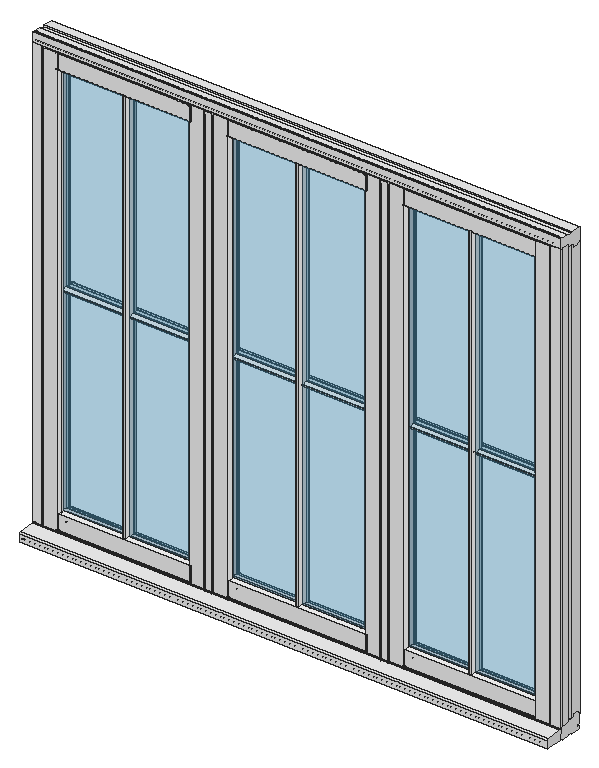
Revit family "C3-4P", category Windows, host Wall, Revit 2012 (continued)
Automatic sketch dimensions
  profile plane to Sweep 18 sketch curve = 8.0 mm  (x2)
  Sweep 18 sketch curve to Sweep 18 sketch curve = 2.0 mm  (x3)
  Sweep 18 sketch curve to Sweep 18 sketch curve = 3.0 mm
  Sweep 18 sketch curve to Sweep 18 sketch curve = 42.0 mm
  Sweep 18 sketch curve to Sweep 18 sketch curve = 6.0 mm
  Sweep 18 sketch curve to Sweep 18 sketch curve = 10.0 mm
  Sweep 18 sketch curve to plane 1 "Center (Front/Back)" = 14.25 mm
  plane 1 "Center (Front/Back)" to Sweep 18 sketch curve = 4.75 mm
  Sweep 18 sketch curve to Sweep 18 sketch curve = 18.0 mm
  plane 1 "Center (Front/Back)" to Sweep 18 sketch curve = 33.75 mm
  Sweep 18 sketch curve to Sweep 18 sketch curve = 11.0 mm
  Sweep 19 sketch curve to plane 6 "Sill" = 0.0 mm
  Sweep 19 sketch curve to profile plane = 0.0 mm
  Sweep 19 sketch curve to profile plane = 3.0 mm
  Sweep 19 sketch curve to Sweep 19 sketch curve = 0.0 mm
  Sweep 19 sketch curve to profile plane = 8.0 mm
  Sweep 19 sketch curve to Sweep 19 sketch curve = 5.0 mm
  Sweep 19 sketch curve to Sweep 19 sketch curve = 2.0 mm  (x3)
  Sweep 19 sketch curve to Sweep 19 sketch curve = 3.0 mm
  Sweep 19 sketch curve to plane 1 "Center (Front/Back)" = 14.25 mm
  Sweep 19 sketch curve to Sweep 19 sketch curve = 41.0 mm
  Sweep 19 sketch curve to Sweep 19 sketch curve = 6.0 mm
  Sweep 19 sketch curve to Sweep 19 sketch curve = 10.0 mm
  plane 1 "Center (Front/Back)" to Sweep 19 sketch curve = 4.75 mm
  Sweep 19 sketch curve to Sweep 19 sketch curve = 18.0 mm
  plane 1 "Center (Front/Back)" to Sweep 19 sketch curve = 33.75 mm
  Sweep 19 sketch curve to Sweep 19 sketch curve = 11.0 mm
  profile plane to Sweep 20 sketch curve = 0.0 mm
  profile plane to Sweep 20 sketch curve = 3.0 mm  (x2)
  profile plane to Sweep 20 sketch curve = 8.0 mm  (x2)
  Sweep 20 sketch curve to Sweep 20 sketch curve = 2.0 mm  (x3)
  Sweep 20 sketch curve to Sweep 20 sketch curve = 3.0 mm
  Sweep 20 sketch curve to Sweep 20 sketch curve = 42.0 mm
  Sweep 20 sketch curve to Sweep 20 sketch curve = 6.0 mm
  Sweep 20 sketch curve to Sweep 20 sketch curve = 10.0 mm
  Sweep 20 sketch curve to plane 1 "Center (Front/Back)" = 14.75 mm
  plane 1 "Center (Front/Back)" to Sweep 20 sketch curve = 4.25 mm
  Sweep 20 sketch curve to Sweep 20 sketch curve = 18.0 mm
  plane 1 "Center (Front/Back)" to Sweep 20 sketch curve = 33.25 mm
  Sweep 20 sketch curve to Sweep 20 sketch curve = 11.0 mm
  profile plane to Sweep 21 sketch curve = 0.0 mm
  Sweep 21 sketch curve to profile plane = 3.0 mm
  Sweep 21 sketch curve to Sweep 21 sketch curve = 0.0 mm
  Sweep 21 sketch curve to profile plane = 12.0 mm
  Sweep 21 sketch curve to Sweep 21 sketch curve = 9.0 mm
  Sweep 21 sketch curve to Sweep 21 sketch curve = 2.0 mm  (x3)
  Sweep 21 sketch curve to Sweep 21 sketch curve = 3.0 mm
  Sweep 21 sketch curve to plane 1 "Center (Front/Back)" = 14.75 mm
  Sweep 21 sketch curve to Sweep 21 sketch curve = 41.0 mm
  Sweep 21 sketch curve to Sweep 21 sketch curve = 6.0 mm
  Sweep 21 sketch curve to Sweep 21 sketch curve = 10.0 mm
  plane 1 "Center (Front/Back)" to Sweep 21 sketch curve = 4.25 mm
  Sweep 21 sketch curve to Sweep 21 sketch curve = 18.0 mm
  plane 1 "Center (Front/Back)" to Sweep 21 sketch curve = 33.25 mm
  Sweep 21 sketch curve to Sweep 21 sketch curve = 11.0 mm
  Sweep 22 sketch curve to profile plane = 0.0 mm
  profile plane to Sweep 22 sketch curve = 3.0 mm  (x2)
  profile plane to Sweep 22 sketch curve = 12.0 mm  (x2)
  Sweep 22 sketch curve to Sweep 22 sketch curve = 2.0 mm  (x3)
  Sweep 22 sketch curve to Sweep 22 sketch curve = 3.0 mm
  Sweep 22 sketch curve to Sweep 22 sketch curve = 42.0 mm
  Sweep 22 sketch curve to Sweep 22 sketch curve = 6.0 mm
  Sweep 22 sketch curve to Sweep 22 sketch curve = 10.0 mm
  Sweep 22 sketch curve to plane 1 "Center (Front/Back)" = 14.75 mm
  plane 1 "Center (Front/Back)" to Sweep 22 sketch curve = 4.25 mm
  Sweep 22 sketch curve to Sweep 22 sketch curve = 18.0 mm
  plane 1 "Center (Front/Back)" to Sweep 22 sketch curve = 33.25 mm
  Sweep 22 sketch curve to Sweep 22 sketch curve = 11.0 mm
  Sweep 23 sketch curve to plane 17 = 0.0 mm
  profile plane to Sweep 23 sketch curve = 6.0 mm
  profile plane to Sweep 23 sketch curve = 1.0 mm
  Sweep 23 sketch curve to profile plane = 6.0 mm
  plane 1 "Center (Front/Back)" to Sweep 23 sketch curve = 1.0 mm
  Sweep 23 sketch curve to Sweep 23 sketch curve = 1.0 mm  (x2)
  plane 1 "Center (Front/Back)" to Sweep 23 sketch curve = 5.0 mm
  Sweep 23 sketch curve to Sweep 23 sketch curve = 4.0 mm
  Sweep 23 sketch curve to Sweep 23 sketch curve = 3.0 mm
  plane 1 "Center (Front/Back)" to Sweep 23 sketch curve = 9.0 mm
  Sweep 24 sketch curve to plane 16 = 0.0 mm
  profile plane to Sweep 24 sketch curve = 4.0 mm
  Sweep 24 sketch curve to profile plane = 6.0 mm
  plane 1 "Center (Front/Back)" to Sweep 24 sketch curve = 13.165 mm
  Sweep 24 sketch curve to Sweep 24 sketch curve = 16.0 mm
  Sweep 25 sketch curve to plane 16 = 0.0 mm
  Sweep 25 sketch curve to plane 17 = 0.0 mm
  profile plane to Sweep 25 sketch curve = 4.0 mm
  Sweep 25 sketch curve to profile plane = 6.0 mm
  plane 1 "Center (Front/Back)" to Sweep 25 sketch curve = 13.165 mm
  Sweep 25 sketch curve to Sweep 25 sketch curve = 16.0 mm
  Extrusion 30 sketch curve to plane 16 = 6.0 mm
  profile plane to Sweep 32 sketch curve = 10.0 mm  (x2)
  plane 1 "Center (Front/Back)" to Sweep 32 sketch curve = 1.883 mm  (x2)
  Sweep 32 sketch curve to Sweep 32 sketch curve = 2.0 mm  (x4)
  profile plane to Sweep 32 sketch curve = 2.5 mm
  profile plane to Sweep 32 sketch curve = 2.449 mm
  plane 1 "Center (Front/Back)" to Sweep 32 sketch curve = 0.189 mm  (x2)
  profile plane to Sweep 32 sketch curve = 0.964 mm
  Sweep 32 sketch curve to profile plane = 0.964 mm
  Sweep 32 sketch curve to profile plane = 2.5 mm
  Sweep 32 sketch curve to profile plane = 2.551 mm
  Sweep 32 sketch curve to Sweep 32 sketch curve = 7.036 mm
  Sweep 32 sketch curve to profile plane = 10.0 mm
  Sweep 32 sketch curve to plane 1 "Center (Front/Back)" = 0.617 mm  (x2)
  Sweep 32 sketch curve to Sweep 32 sketch curve = 6.0 mm
  Sweep 32 sketch curve to Sweep 32 sketch curve = 26.289 mm
  Sweep 32 sketch curve to Sweep 32 sketch curve = 2.8 mm
  Sweep 32 sketch curve to Sweep 32 sketch curve = 8.154 mm
  Sweep 32 sketch curve to Sweep 32 sketch curve = 0.0 mm
  profile plane to Sweep 33 sketch curve = 10.0 mm
  Sweep 33 sketch curve to profile plane = 10.0 mm
  plane 1 "Center (Front/Back)" to Sweep 33 sketch curve = 13.285 mm
  Sweep 33 sketch curve to Sweep 33 sketch curve = 16.0 mm
  profile plane to Sweep 34 sketch curve = 10.0 mm  (x2)
  plane 1 "Center (Front/Back)" to Sweep 34 sketch curve = 1.883 mm  (x2)
  Sweep 34 sketch curve to Sweep 34 sketch curve = 2.0 mm  (x4)
  profile plane to Sweep 34 sketch curve = 2.5 mm
  profile plane to Sweep 34 sketch curve = 2.449 mm
  plane 1 "Center (Front/Back)" to Sweep 34 sketch curve = 0.189 mm  (x2)
  profile plane to Sweep 34 sketch curve = 0.964 mm
  Sweep 34 sketch curve to profile plane = 0.964 mm
  Sweep 34 sketch curve to profile plane = 2.5 mm
  Sweep 34 sketch curve to profile plane = 2.551 mm
  Sweep 34 sketch curve to Sweep 34 sketch curve = 7.036 mm
  Sweep 34 sketch curve to profile plane = 10.0 mm
  Sweep 34 sketch curve to plane 1 "Center (Front/Back)" = 0.617 mm  (x2)
  Sweep 34 sketch curve to Sweep 34 sketch curve = 6.0 mm
  Sweep 34 sketch curve to Sweep 34 sketch curve = 26.289 mm
  Sweep 34 sketch curve to Sweep 34 sketch curve = 2.8 mm
  Sweep 34 sketch curve to Sweep 34 sketch curve = 8.154 mm
  Sweep 34 sketch curve to Sweep 34 sketch curve = 0.0 mm
  profile plane to Sweep 35 sketch curve = 10.0 mm
  Sweep 35 sketch curve to profile plane = 10.0 mm
  plane 1 "Center (Front/Back)" to Sweep 35 sketch curve = 13.285 mm
  Sweep 35 sketch curve to Sweep 35 sketch curve = 16.0 mm
  profile plane to Sweep 36 sketch curve = 10.0 mm  (x2)
  plane 1 "Center (Front/Back)" to Sweep 36 sketch curve = 1.883 mm  (x2)
  Sweep 36 sketch curve to Sweep 36 sketch curve = 2.0 mm  (x4)
  profile plane to Sweep 36 sketch curve = 2.5 mm
  profile plane to Sweep 36 sketch curve = 2.449 mm
  plane 1 "Center (Front/Back)" to Sweep 36 sketch curve = 0.189 mm  (x2)
  profile plane to Sweep 36 sketch curve = 0.964 mm
  Sweep 36 sketch curve to profile plane = 0.964 mm
  Sweep 36 sketch curve to profile plane = 2.5 mm
  Sweep 36 sketch curve to profile plane = 2.551 mm
  Sweep 36 sketch curve to Sweep 36 sketch curve = 7.036 mm
  Sweep 36 sketch curve to profile plane = 10.0 mm
  Sweep 36 sketch curve to plane 1 "Center (Front/Back)" = 0.617 mm  (x2)
  Sweep 36 sketch curve to Sweep 36 sketch curve = 6.0 mm
  Sweep 36 sketch curve to Sweep 36 sketch curve = 26.289 mm
  Sweep 36 sketch curve to Sweep 36 sketch curve = 2.8 mm
  Sweep 36 sketch curve to Sweep 36 sketch curve = 8.154 mm
  Sweep 36 sketch curve to Sweep 36 sketch curve = 0.0 mm
  profile plane to Sweep 37 sketch curve = 10.0 mm
  Sweep 37 sketch curve to profile plane = 10.0 mm
  plane 1 "Center (Front/Back)" to Sweep 37 sketch curve = 13.285 mm
  Sweep 37 sketch curve to Sweep 37 sketch curve = 16.0 mm
  Sweep 38 sketch curve to plane 12 = 0.0 mm
  plane 26 to Sweep 38 sketch curve = 0.0 mm
  Sweep 38 sketch curve to plane 6 "Sill" = 0.0 mm
  Sweep 38 sketch curve to profile plane = 0.0 mm
  Sweep 38 sketch curve to profile plane = 3.0 mm
  Sweep 38 sketch curve to Sweep 38 sketch curve = 0.0 mm
  Sweep 38 sketch curve to profile plane = 8.0 mm
  Sweep 38 sketch curve to Sweep 38 sketch curve = 5.0 mm
  Sweep 38 sketch curve to Sweep 38 sketch curve = 2.0 mm  (x3)
  Sweep 38 sketch curve to Sweep 38 sketch curve = 3.0 mm
  Sweep 38 sketch curve to profile plane = 13.0 mm
  Sweep 38 sketch curve to Sweep 38 sketch curve = 41.0 mm
  Sweep 38 sketch curve to Sweep 38 sketch curve = 6.0 mm
  Sweep 38 sketch curve to Sweep 38 sketch curve = 10.0 mm
  profile plane to Sweep 38 sketch curve = 6.0 mm
  Sweep 38 sketch curve to Sweep 38 sketch curve = 18.0 mm
  profile plane to Sweep 38 sketch curve = 35.0 mm
  Sweep 38 sketch curve to Sweep 38 sketch curve = 11.0 mm
  Sweep 39 sketch curve to plane 12 = 0.0 mm
  plane 24 to Sweep 39 sketch curve = 0.0 mm
  Sweep 39 sketch curve to plane 6 "Sill" = 0.0 mm
  Sweep 39 sketch curve to profile plane = 0.0 mm
  profile plane to Sweep 39 sketch curve = 3.0 mm  (x2)
  profile plane to Sweep 39 sketch curve = 8.0 mm  (x2)
  Sweep 39 sketch curve to Sweep 39 sketch curve = 2.0 mm  (x3)
  Sweep 39 sketch curve to Sweep 39 sketch curve = 3.0 mm
  Sweep 39 sketch curve to Sweep 39 sketch curve = 42.0 mm
  Sweep 39 sketch curve to Sweep 39 sketch curve = 6.0 mm
  Sweep 39 sketch curve to Sweep 39 sketch curve = 10.0 mm
  Sweep 39 sketch curve to profile plane = 13.0 mm
  profile plane to Sweep 39 sketch curve = 6.0 mm
  Sweep 39 sketch curve to Sweep 39 sketch curve = 18.0 mm
  profile plane to Sweep 39 sketch curve = 35.0 mm
  Sweep 39 sketch curve to Sweep 39 sketch curve = 11.0 mm
  profile plane to Sweep 40 sketch curve = 0.0 mm
  profile plane to Sweep 40 sketch curve = 3.0 mm  (x2)
  profile plane to Sweep 40 sketch curve = 8.0 mm  (x2)
  Sweep 40 sketch curve to Sweep 40 sketch curve = 2.0 mm  (x3)
  Sweep 40 sketch curve to Sweep 40 sketch curve = 3.0 mm
  Sweep 40 sketch curve to Sweep 40 sketch curve = 42.0 mm
  Sweep 40 sketch curve to Sweep 40 sketch curve = 6.0 mm
  Sweep 40 sketch curve to Sweep 40 sketch curve = 10.0 mm
  Sweep 40 sketch curve to plane 1 "Center (Front/Back)" = 14.75 mm
  plane 1 "Center (Front/Back)" to Sweep 40 sketch curve = 4.25 mm
  Sweep 40 sketch curve to Sweep 40 sketch curve = 18.0 mm
  plane 1 "Center (Front/Back)" to Sweep 40 sketch curve = 33.25 mm
  Sweep 40 sketch curve to Sweep 40 sketch curve = 11.0 mm
  profile plane to Sweep 41 sketch curve = 0.0 mm
  profile plane to Sweep 41 sketch curve = 3.0 mm  (x2)
  profile plane to Sweep 41 sketch curve = 8.0 mm  (x2)
  Sweep 41 sketch curve to Sweep 41 sketch curve = 2.0 mm  (x3)
  Sweep 41 sketch curve to Sweep 41 sketch curve = 3.0 mm
  Sweep 41 sketch curve to Sweep 41 sketch curve = 42.0 mm
  Sweep 41 sketch curve to Sweep 41 sketch curve = 6.0 mm
  Sweep 41 sketch curve to Sweep 41 sketch curve = 10.0 mm
  Sweep 41 sketch curve to plane 1 "Center (Front/Back)" = 14.75 mm
  plane 1 "Center (Front/Back)" to Sweep 41 sketch curve = 4.25 mm
  Sweep 41 sketch curve to Sweep 41 sketch curve = 18.0 mm
  plane 1 "Center (Front/Back)" to Sweep 41 sketch curve = 33.25 mm
  Sweep 41 sketch curve to Sweep 41 sketch curve = 11.0 mm
  plane 24 to Sweep 41 sketch curve = 52.0 mm
  Sweep 41 sketch curve to plane 14 = 6.0 mm
  Sweep 7 sketch curve to plane 24 = 52.0 mm
  plane 14 to Sweep 7 sketch curve = 6.0 mm
  plane 13 to Sweep 21 sketch curve = 5.0 mm
  plane 28 to Sweep 21 sketch curve = 46.0 mm
  plane 25 to Sweep 21 sketch curve = 52.0 mm
  plane 15 to Sweep 22 sketch curve = 6.0 mm
  Sweep 22 sketch curve to plane 13 = 5.0 mm
  plane 26 to Sweep 22 sketch curve = 52.0 mm
  Sweep 40 sketch curve to plane 15 = 6.0 mm
  Sweep 40 sketch curve to plane 26 = 52.0 mm
  plane 28 to Sweep 20 sketch curve = 46.0 mm
  plane 25 to Sweep 20 sketch curve = 52.0 mm
